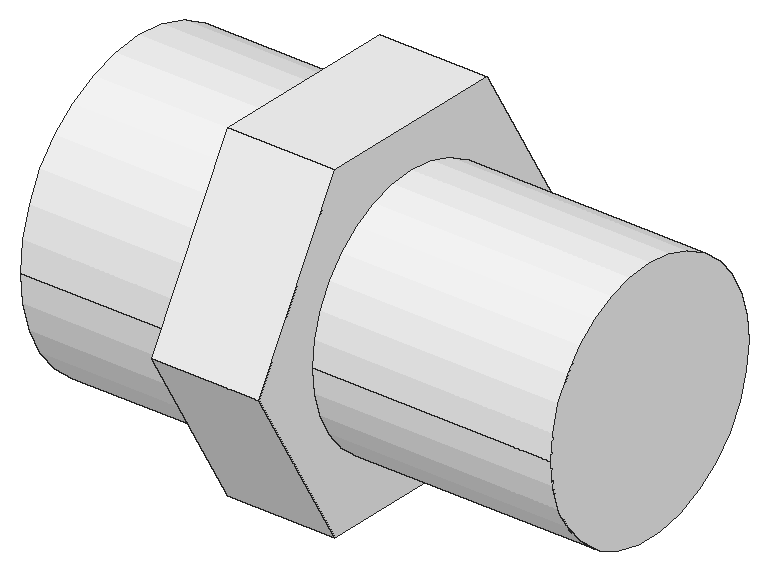
Revit family "BIMLIB_Заглушка_с_резьбой_РОСТерм", category Соединительные детали трубопроводов, Revit 2017
Family settings
  Размер круглого соединителя = Использовать диаметр
  Тип детали = Заглушка
  На основе рабочей плоскости = Нет
  Всегда вертикально = Да
  При загрузке вырезать с полостями = Нет
  Общий = Нет
Parameters
  Описание = "Заглушка с резьбой"
  Материал фитинга = BIMLIB_Белый_РТ
  Изготовитель = "РОСТерм"  # constant formula
  РТ_d = РТ_DN * 0.9  # 18 mm
  URL = "http://rostherm.ru"
  РТ_DN = 20 mm
  РТ_L1 = 14.5 mm  # constant formula
  РТ_L = 31 mm  # constant formula
  РТ_DG = 15 mm
  BL_Разработано = "support@bimlib.ru"
  BL_Email = "rostherm@bimlib.ru"
  BL_BIM library = "https://bimlib.pro/manufacturer/rosterm/1632/"
  ADSK_Примечание = ""
  ADSK_Позиция = ""
  ADSK_Обозначение [instance] = "ГОСТ 32415-2013"  # constant formula
  ADSK_Наименование краткое [instance] = "Заглушка с наружной резьбой 20-1/2"  # constant formula
  ADSK_Наименование [instance] = "Заглушка с наружной резьбой 20-1/2"  # constant formula
  ADSK_Масса_Текст = ""
  ADSK_Масса = 0
  ADSK_Марка [instance] = "ZR32-1"  # constant formula
  ADSK_Код изделия [instance] = "ZR32-1"  # constant formula
  ADSK_Завод-изготовитель = "РОСТерм"  # constant formula
  ADSK_Единица измерения = "шт"  # constant formula
  ADSK_Версия Revit = "2017"
  ADSK_URL страницы изделия = "http://rostherm.ru/truby-i-fitingi-iz-polipropilena-pprt/"
  ADSK_URL документации изделия = "http://rostherm.ru"
Reference planes
  plane 1 "По центру (Вперед/Назад)": y = 0
  plane 2: z = 0
  plane 3 "По центру (Влево/Вправо)": x = 0
  plane 4: y = 7.5
  plane 5: y = -7.5
  plane 6: x = -31
  plane 7: x = -14.5
  plane 8: x = -18.5
Forms (mm)
  Extrusion 1, solid, material "BIMLIB_Белый_РТ" <- "Материал фитинга", detail levels medium+fine
    sketch origin (0, 0, 0) x (0, 1, 0) y (0, 0, 1)
      loop
        circle (0, 0) r 7.5
    from -14.5 to 0
  Extrusion 2, solid, material "BIMLIB_Белый_РТ" <- "Материал фитинга", detail levels medium+fine
    sketch origin (0, 0, 0) x (0, 1, 0) y (0, 0, 1)
      loop
        circle (0, 0) r 9
    from -31 to -21
Lines and regions (mm)
  reference lines
    curve 1: line (-31, 0, 0) -> (-14.5, 0, 0)
  model lines, detail levels coarse
    curve 2: line (-14.5, 7.5, 0) -> (-14.5, -7.5, 0)
Dimensions and locks
  "РТ_L": plane 6 to plane 3 "По центру (Влево/Вправо)"
  equal spacing: plane 4, plane 1 "По центру (Вперед/Назад)", plane 5
  "РТ_DG": plane 4 to plane 5
  "РТ_L1": plane 7 to plane 3 "По центру (Влево/Вправо)"
  locked: plane 8 to plane 7 at 4
  "РТ_DG": diameter of Extrusion 1 sketch curve
  "РТ_d": diameter of Extrusion 2 sketch curve
  aligned and locked: level to plane 2
  aligned and locked: plane 3 "По центру (Влево/Вправо)" to Extrusion 1
  aligned and locked: plane 7 to nested 1
  aligned and locked: plane 1 "По центру (Вперед/Назад)" to nested 1
  aligned and locked: plane 6 to curve 1
  aligned and locked: plane 7 to curve 1
  aligned and locked: curve 2 to plane 7
  aligned and locked: plane 4 to curve 2
  aligned and locked: plane 5 to curve 2
  aligned and locked: Extrusion 1 to plane 7
  aligned and locked: Extrusion 2 to plane 6
  aligned and locked: nested 1 to Extrusion 2
Automatic sketch dimensions
  plane 1 "По центру (Вперед/Назад)" to curve 1 = 0 mm
  curve 1 to plane 6 = 0 mm
  curve 1 to plane 7 = 0 mm
  Extrusion 1 sketch curve to level = 0 mm
  Extrusion 1 sketch curve to plane 1 "По центру (Вперед/Назад)" = 0 mm
  Extrusion 2 sketch curve to level = 0 mm
  Extrusion 2 sketch curve to plane 1 "По центру (Вперед/Назад)" = 0 mm
Nested families
  nested 1: "Гайка 6" at (-21, 0, 0), S <- "РТ_DN", Материал гайки <- "Материал фитинга", type "Гайка 6", detail levels medium+fine
    with Материал гайки BIMLIB_Белый_РТ, h 6.5 mm, S 20 mm
Connectors
  piping at (-14.5, 0, 0), diameter 15, driven by "РТ_DG"
    settings: on curve 1, index 1, connector inside diameter 609.6 mm, connector length 0 mm, flow factor 0, pipe flow 0.0 L/s, pressure drop 0.0 Pa, fitting loss kfactor 0, connector angle 0.00°, fixture units 0, engagement length 0 mm, angle of deflection 0.00°, flow configuration 0, flow direction 0, fitting loss method 4, system type 28, joint type 0, gender type 0, connector reference index -1, connector utility 0, adjustable connector yes, is connector primary yes, connector description ""
Definition of nested family "Гайка 6"
  Parameters (values of type "Гайка 6")
    Материал гайки [instance] = none
    h [instance] = 12 mm
    S [instance] = 32 mm
  Reference planes
    plane 1 "По центру (Вперед/Назад)": y = 0
    plane 2: z = 0
    plane 3 "По центру (Влево/Вправо)": x = 0
    plane 4: x = 12
  Forms (mm)
    Extrusion 1, solid, material <- "Материал гайки"
      sketch origin (0, 0, 0) x (0, 1, 0) y (0, 0, 1)
        loop
          line (-9.238, 16) -> (-18.475, 0) -> (-9.238, -16) -> (9.238, -16) -> (18.475, 0) -> (9.238, 16) -> (-9.238, 16)
      from 0 to 12
  Dimensions and locks
    equal spacing: Extrusion 1 sketch curve, plane 2, Extrusion 1 sketch curve  (x3)
    "S": Extrusion 1 sketch curve to Extrusion 1 sketch curve  (x3)
    "h": plane 3 "По центру (Влево/Вправо)" to plane 4
    locked: Extrusion 1 sketch curve to Extrusion 1 sketch curve (angle 120.00°)  (x5)
    aligned and locked: level to plane 2
    aligned and locked: plane 4 to Extrusion 1
